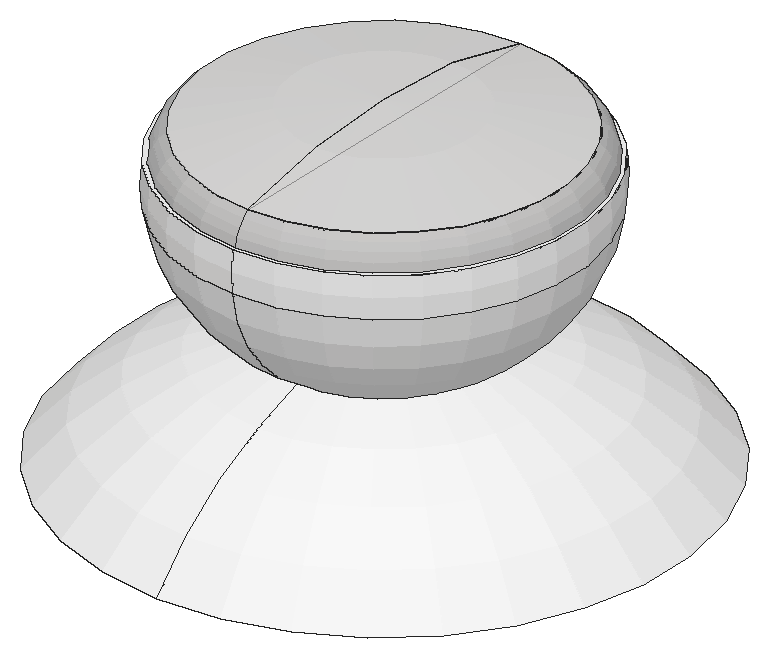
Revit family "CIRS", category Lighting Fixtures, host Face, Revit 2014
Parameters (values of type "CIRS")
  Wattage Comments = "1W"
  Wattage = 1 W
  Warranty = "2 year full unit warranty"
  built-in parameter 1150110 = 1 (stored number, unit not read)
  URL = "https://www.hubbell.com/compassproducts/en"
  Type Comments = "Light Fixture"  # constant formula
  built-in parameter 1114217 = 1 (stored number, unit not read)
  Tilt Angle = 0.00°
  built-in parameter 1150109 = 1 (stored number, unit not read)
  built-in parameter 1150134 = 3
  built-in parameter 1150113 = 1 (stored number, unit not read)
  Steel = Metal-Hubbell-Galvanized_Steel
  Product Page URL = "https://www.hubbell.com/compassproducts/en/Products/Lighting-Controls/Emergency-Exit-Lighting/Remote-Heads-Fixtures/CIR/p/208925"
  Product Doucumentation Link = "https://hubbellcdn.com/specsheet/0603535_cir_spec.pdf"
  Photometric Web Link = "https://www.hubbell.com/compassproducts/en/Products/Lighting-Controls/Emergency-Exit-Lighting/Remote-Heads-Fixtures/CIR/p/208925"
  Photometric Web File = "compass_led.ies"
  Photometric Note = "For more photometric file please find the above link"
  Model = "CIRS"
  Manufacturer = "Compass Lighting A unit of Hubbell Lighting"  # constant formula
  built-in parameter 1150105 = 0.79577 (stored number, unit not read)
  Lumens = 10 lm
  built-in parameter 1150115 = 1 (stored number, unit not read)
  built-in parameter 1150137 = (empty or 0)
  built-in parameter 1150139 = (empty or 0)
  built-in parameter 1150112 = 1 (stored number, unit not read)
  built-in parameter 1150114 = 1 (stored number, unit not read)
  Lamp = "LED"
  built-in parameter 1150132 = (empty or 0)
  built-in parameter 1150102 = (empty or 0)
  built-in parameter 1150107 = 3200 (stored number, unit not read)
  built-in parameter 1150138 = (empty or 0)
  built-in parameter 1150106 = 0.0079577 (stored number, unit not read)
  Emit from Circle Diameter = 3.00"
  Emit Shape Visible in Rendering = no
  built-in parameter 1150104 = 0.92903 (stored number, unit not read)
  Dimming Lamp Color Temperature Shift = <None>
  Color Filter = 16777215
  Certification = "UL924"
  Glass = Glass - Hubbell - White
  Features = "Single or Double, white or black lamp-head\r\nremote with base-plate\r\n• LED life-cycle of more than 10 years\r\n• Quick installation\r\n• Damp Location Listed\r\n• Fully adjustable lamp-heads"  # constant formula
  Description = "The Round Wall Forms luminaires include five configurations to suit any building application. The classic spherical shape and cross bar design have become an icon in outdoor lighting. An ADA compliant cutoff downlight design provides perimeter lighting while enhancing architecture."
  Default Elevation = 48.00"
  Copyrights = "© Hubbell Lighting, Inc"
  Contact Us = "https://www.hubbell.com/compassproducts/en/contactUs?productId=208925"
  Body = Paint - Hubbell - Matte White
  built-in parameter 1114218 = 1 (stored number, unit not read)
  built-in parameter 1150133 = 10 (stored number, unit not read)
  Apparent Load = 1 VA
Reference planes (in)
  plane 1 "Center (Front/Back)": y = 0
  plane 2: z = 0
  plane 3 "Center (Left/Right)": x = 0
  plane 4: x = -5.25
  plane 5: x = 5.25
  plane 6: y = 2.3
  plane 7: y = -2.3
  plane 8: z = 2.6
  plane 9: y = 2.3
  plane 10: y = -2.3
  plane 11: z = 2.6
Forms (in)
  Revolve 1, solid, material "Paint - Hubbell - Matte White" <- "Body"
    sketch origin (0, -4.35647, 4.35661) x (0, 0, -1) y (0, 1, 0)
      loop
        line (4.35654, 4.35654) -> (2.16904, 4.35654) -> (2.16904, 2.8227)
        arc (2.16904, 2.8227) -> (2.33002, 2.81444) -> (2.49073, 2.82674) r 1.26358
        arc (2.49073, 2.82674) -> (3.0389, 3.04286) -> (3.42946, 3.48405) r 1.26358
        arc (3.42946, 3.48405) -> (3.77834, 2.6958) -> (4.35654, 2.05647) r 2.71741
        line (4.35654, 2.05647) -> (4.35654, 4.35654)
      axis (2.16904, 4.35654) -> (4.35654, 4.35654)
    angle from 0 to 360
  Revolve 2, solid, material "Metal-Hubbell-Galvanized_Steel" <- "Steel"
    sketch origin (0, 0, 0) x (0, 1, 0) y (0, 0, 1)
      loop
        line (0, 2.18757) -> (0, 2.40407) -> (-1.37493, 2.40407)
        arc (-1.37493, 2.40407) -> (-1.4592, 2.30839) -> (-1.49993, 2.18757) r 0.32337
        line (-1.49993, 2.18757) -> (0, 2.18757)
      axis (0, 2.40407) -> (0, 2.18757)
    angle from 0 to 360
  Revolve 3, solid, material "Glass - Hubbell - White" <- "Glass"
    sketch origin (0, 0, 0) x (0, 1, 0) y (0, 0, 1)
      loop
        line (0, 2.40407) -> (0, 2.6)
        arc (0, 2.6) -> (-0.69581, 2.56058) -> (-1.37493, 2.40407) r 4.10653
        line (-1.37493, 2.40407) -> (0, 2.40407)
      axis (0, 2.6) -> (0, 2.40407)
    angle from 0 to 360
Dimensions and locks (in)
  plane 8 to level = 2.60"
  plane 6 to plane 7 = 4.60"
  plane 7 to plane 6 = 4.60"
  aligned and locked: plane 2 to host face
  aligned and locked: level to host face
Connectors (in)
  electrical at (0, 0.00007, 0.00007)
    settings: on Revolve 1, index 1, voltage 120 V, apparent load 18 VA, apparent load phase1 0 VA, apparent load phase2 0 VA, apparent load phase3 0 VA, power factor 0.9, load classification "Other", number of poles 1, system type 30, power factor state 1, is connector primary yes, connector utility no, sub classification motor no, connector description "Lighting Connector"
